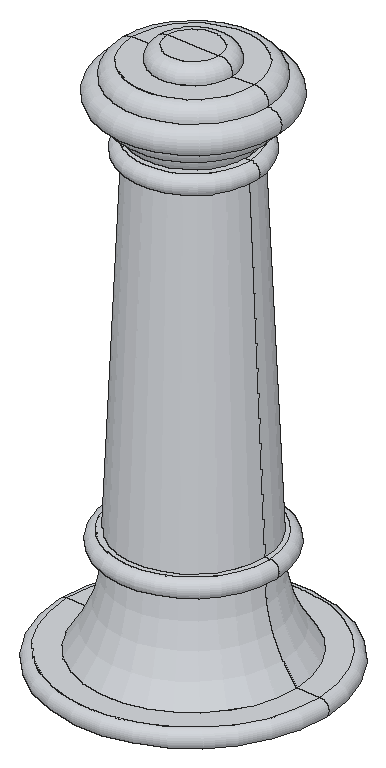
Revit family
Parameters (values of type "SBS 015.5")
  Width = 1' - 11 1/2"
  URL = "www.strombergarchitectural.com"
  Top Material = GFRC
  Submittal Sheet = "www.strombergarchitectural.com/images/materials/gfrc/submittal/gfrc-submittal-sheet.pdf"
  Specifications = "www.strombergarchitectural.com/gfrcspecifications"
  Model Cut-sheet = "www.strombergarchitectural.com/products/bollards/design/SBS-015"
  Model = "SBS 015"
  Manufacturer = "Stromberg Architectural Products"
  Guidebook = "www.strombergarchitectural.com/images/materials/gfrc/handbooks/gfrc_guidebook.pdf"
  Frame Material = none
  Description = "GFRC Bollard"
  Assembly Code = ""
  Height = 4' - 0"
  XXX.5 = yes
  XXX.4 = no
  XXX.3 = no
  XXX.2 = no
  XXX.1 = no
Types (6): name | Width | Guidebook | Height | XXX.5 | XXX.4 | XXX.3 | XXX.2 | XXX.1
  (no name) | 1' - 11 1/2" | "www.strombergarchitectural.com/images/materials/gfrc/handbooks/gfrc_guidebook.pdf" | 4' - 0" | yes | no | no | no | no
  SBS 015.3 | 1' - 5 1/2" | "www.strombergarchitectural.com/images/materials/gfrc/handbooks/gfrc_guidebook.pdf" | 3' - 0" | no | no | yes | no | no
  SBS 015.1 | 0' - 11 1/2" | "www.strombergarchitectural.com/images/materials/gfrc/handbooks/gfrc_guidebook.pdf   \r\n(http://www.strombergarchitectural.com/images/materials/gfrc/handbooks/gfrc_guidebook.pdf" | 2' - 0" | no | no | no | no | yes
  SBS 015.2 | 1' - 2 1/2" | "www.strombergarchitectural.com/images/materials/gfrc/handbooks/gfrc_guidebook.pdf" | 2' - 6" | no | no | no | yes | no
  SBS 015.4 | 1' - 8 1/2" | "www.strombergarchitectural.com/images/materials/gfrc/handbooks/gfrc_guidebook.pdf" | 3' - 6" | no | yes | no | no | no
  SBS 015.5 | 1' - 11 1/2" | "www.strombergarchitectural.com/images/materials/gfrc/handbooks/gfrc_guidebook.pdf" | 4' - 0" | yes | no | no | no | no
Reference planes (in)
  plane 1 "Center (Front/Back)": y = 3.74847
  plane 2: z = 0
  plane 3 "Center (Left/Right)": x = 0.7278
  plane 4 "Front": y = -3.25153
  plane 5 "Back": y = 10.74847
Forms (in)
  Revolve 1, solid, visible <- "XXX.1"
    sketch origin (0, 3.74847, 0) x (1, 0, 0) y (0, 0, 1)
      loop
        line (0.7278, 23.99984) -> (-0.3866, 23.99984)
        arc (-0.3866, 23.99984) -> (-0.80928, 23.82769) -> (-0.93941, 23.39024) r 0.52741
        line (-0.93941, 23.39024) -> (-1.90474, 23.39024)
        arc (-1.90474, 23.39024) -> (-2.33994, 23.22012) -> (-2.49873, 22.78065) r 0.56574
        arc (-2.49873, 22.78065) -> (-3.0626, 22.21677) -> (-2.49873, 21.65289) r 0.56388
        arc (-2.49873, 21.65289) -> (-2.32112, 21.2439) -> (-1.92291, 21.04329) r 0.65516
        arc (-1.92291, 21.04329) -> (-1.76023, 20.67593) -> (-1.4397, 20.4337) r 0.80134
        line (-1.4397, 20.4337) -> (-1.74215, 20.4337)
        arc (-1.74215, 20.4337) -> (-2.12315, 20.0527) -> (-1.74215, 19.6717) r 0.381
        line (-1.74215, 19.6717) -> (-1.71059, 19.6717) -> (-2.33543, 5.33398) -> (-2.56402, 5.33398)
        arc (-2.56402, 5.33398) -> (-2.94502, 4.95298) -> (-2.56402, 4.57198) r 0.381
        line (-2.56402, 4.57198) -> (-2.33543, 4.57198)
        arc (-2.33543, 4.57198) -> (-2.70391, 2.55276) -> (-3.70702, 0.762) r 6.24626
        line (-3.70702, 0.762) -> (-4.71845, 0.762)
        arc (-4.71845, 0.762) -> (-5.09945, 0.381) -> (-4.71845, 0) r 0.381
        line (-4.71845, 0) -> (0.7278, 0) -> (0.7278, 23.99984)
      axis (0.7278, 23.99984) -> (0.7278, 0)
    angle from 0 to 360
  Revolve 2, solid, visible <- "XXX.2"
    sketch origin (0, 3.74847, 0) x (1, 0, 0) y (0, 0, 1)
      loop
        line (0.7278, 30) -> (-0.66521, 30)
        arc (-0.66521, 30) -> (-1.19357, 29.78481) -> (-1.35622, 29.238) r 0.65927
        line (-1.35622, 29.238) -> (-2.56289, 29.238)
        arc (-2.56289, 29.238) -> (-3.1069, 29.02533) -> (-3.30538, 28.47599) r 0.70719
        arc (-3.30538, 28.47599) -> (-4.01023, 27.77114) -> (-3.30538, 27.06629) r 0.70485
        arc (-3.30538, 27.06629) -> (-3.08337, 26.55505) -> (-2.58561, 26.30429) r 0.81895
        arc (-2.58561, 26.30429) -> (-2.38226, 25.84508) -> (-1.98159, 25.54229) r 1.00168
        line (-1.98159, 25.54229) -> (-2.35965, 25.54229)
        arc (-2.35965, 25.54229) -> (-2.8359, 25.06604) -> (-2.35965, 24.58979) r 0.47625
        line (-2.35965, 24.58979) -> (-2.32021, 24.58979) -> (-3.10126, 6.66751) -> (-3.38701, 6.66751)
        arc (-3.38701, 6.66751) -> (-3.86326, 6.19126) -> (-3.38701, 5.71501) r 0.47625
        line (-3.38701, 5.71501) -> (-3.10126, 5.71501)
        arc (-3.10126, 5.71501) -> (-3.56187, 3.19097) -> (-4.81576, 0.9525) r 7.80788
        line (-4.81576, 0.9525) -> (-6.08005, 0.9525)
        arc (-6.08005, 0.9525) -> (-6.55631, 0.47625) -> (-6.08005, 0) r 0.47625
        line (-6.08005, 0) -> (0.7278, 0) -> (0.7278, 30)
      axis (0.7278, 30) -> (0.7278, 0)
    angle from 0 to 360
  Revolve 3, solid, visible <- "XXX.3"
    sketch origin (0, 3.74847, 0) x (1, 0, 0) y (0, 0, 1)
      loop
        line (0.7278, 36) -> (-0.94382, 36)
        arc (-0.94382, 36) -> (-1.57784, 35.74178) -> (-1.77303, 35.0856) r 0.79112
        line (-1.77303, 35.0856) -> (-3.22103, 35.0856)
        arc (-3.22103, 35.0856) -> (-3.87384, 34.83041) -> (-4.11202, 34.1712) r 0.84862
        arc (-4.11202, 34.1712) -> (-4.95784, 33.32537) -> (-4.11202, 32.47955) r 0.84582
        arc (-4.11202, 32.47955) -> (-3.84561, 31.86606) -> (-3.24829, 31.56515) r 0.98274
        arc (-3.24829, 31.56515) -> (-3.00427, 31.0141) -> (-2.52347, 30.65075) r 1.20202
        line (-2.52347, 30.65075) -> (-2.97715, 30.65075)
        arc (-2.97715, 30.65075) -> (-3.54865, 30.07925) -> (-2.97715, 29.50775) r 0.5715
        line (-2.97715, 29.50775) -> (-2.92981, 29.50775) -> (-3.86707, 8.00102) -> (-4.20997, 8.00102)
        arc (-4.20997, 8.00102) -> (-4.78147, 7.42951) -> (-4.20997, 6.85801) r 0.5715
        line (-4.20997, 6.85801) -> (-3.86707, 6.85801)
        arc (-3.86707, 6.85801) -> (-4.4198, 3.82916) -> (-5.92447, 1.143) r 9.36946
        line (-5.92447, 1.143) -> (-7.44163, 1.143)
        arc (-7.44163, 1.143) -> (-8.01313, 0.5715) -> (-7.44163, 0) r 0.5715
        line (-7.44163, 0) -> (0.7278, 0) -> (0.7278, 36)
      axis (0.7278, 36) -> (0.7278, 0)
    angle from 0 to 360
  Revolve 4, solid, visible <- "XXX.4"
    sketch origin (0, 3.74847, 0) x (1, 0, 0) y (0, 0, 1)
      loop
        line (0.7278, 41.99894) -> (-1.22237, 41.99894)
        arc (-1.22237, 41.99894) -> (-1.96205, 41.69768) -> (-2.18976, 40.93216) r 0.92295
        line (-2.18976, 40.93216) -> (-3.87905, 40.93216)
        arc (-3.87905, 40.93216) -> (-4.64065, 40.63445) -> (-4.91851, 39.86539) r 0.99004
        arc (-4.91851, 39.86539) -> (-5.90528, 38.87862) -> (-4.91851, 37.89185) r 0.98677
        arc (-4.91851, 37.89185) -> (-4.60771, 37.17614) -> (-3.91085, 36.82508) r 1.14651
        arc (-3.91085, 36.82508) -> (-3.62618, 36.18221) -> (-3.06526, 35.7583) r 1.40232
        line (-3.06526, 35.7583) -> (-3.59453, 35.7583)
        arc (-3.59453, 35.7583) -> (-4.26126, 35.09157) -> (-3.59453, 34.42483) r 0.66673
        line (-3.59453, 34.42483) -> (-3.5393, 34.42483) -> (-4.63274, 9.33428) -> (-5.03279, 9.33428)
        arc (-5.03279, 9.33428) -> (-5.69952, 8.66755) -> (-5.03279, 8.00081) r 0.66673
        line (-5.03279, 8.00081) -> (-4.63274, 8.00081)
        arc (-4.63274, 8.00081) -> (-5.27759, 4.46724) -> (-7.03299, 1.33347) r 10.93076
        line (-7.03299, 1.33347) -> (-8.80296, 1.33347)
        arc (-8.80296, 1.33347) -> (-9.46969, 0.66673) -> (-8.80296, 0) r 0.66673
        line (-8.80296, 0) -> (0.7278, 0) -> (0.7278, 41.99894)
      axis (0.7278, 41.99894) -> (0.7278, 0)
    angle from 0 to 360
  Revolve 5, solid, visible <- "XXX.5"
    sketch origin (0, 3.74847, 0) x (1, 0, 0) y (0, 0, 1)
      loop
        line (0.7278, 47.99468) -> (-1.50078, 47.99468)
        arc (-1.50078, 47.99468) -> (-2.34605, 47.65042) -> (-2.60627, 46.77562) r 1.05471
        line (-2.60627, 46.77562) -> (-4.53673, 46.77562)
        arc (-4.53673, 46.77562) -> (-5.40704, 46.4354) -> (-5.72458, 45.55655) r 1.13137
        arc (-5.72458, 45.55655) -> (-6.85222, 44.42891) -> (-5.72458, 43.30127) r 1.12764
        arc (-5.72458, 43.30127) -> (-5.3694, 42.48338) -> (-4.57306, 42.08221) r 1.31018
        arc (-4.57306, 42.08221) -> (-4.24775, 41.34756) -> (-3.60675, 40.86314) r 1.60251
        line (-3.60675, 40.86314) -> (-4.21158, 40.86314)
        arc (-4.21158, 40.86314) -> (-4.9735, 40.10122) -> (-4.21158, 39.33931) r 0.76192
        line (-4.21158, 39.33931) -> (-4.14847, 39.33931) -> (-5.39801, 10.66684) -> (-5.85516, 10.66684)
        arc (-5.85516, 10.66684) -> (-6.61708, 9.90492) -> (-5.85516, 9.14301) r 0.76192
        line (-5.85516, 9.14301) -> (-5.39801, 9.14301)
        arc (-5.39801, 9.14301) -> (-6.13491, 5.10498) -> (-8.14092, 1.52383) r 12.49123
        line (-8.14092, 1.52383) -> (-10.16356, 1.52383)
        arc (-10.16356, 1.52383) -> (-10.92548, 0.76192) -> (-10.16356, 0) r 0.76192
        line (-10.16356, 0) -> (0.7278, 0) -> (0.7278, 47.99468)
      axis (0.7278, 47.99468) -> (0.7278, 0)
    angle from 0 to 360
Dimensions and locks (in)
  aligned and locked: level to plane 2
